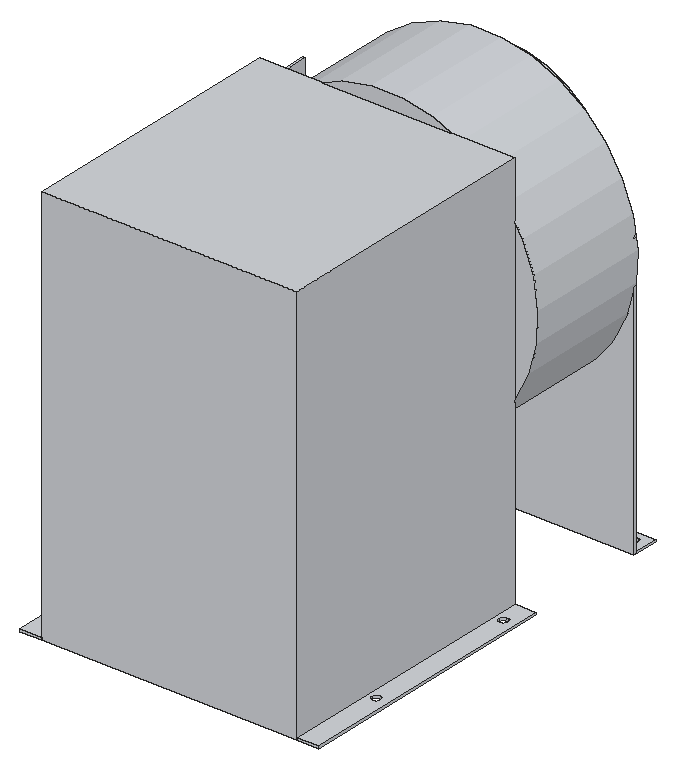
Revit family "CPFB_CW_BHD", category Mechanical Equipment, Revit 2019
Family settings
  Round Connector Dimension = Use Radius
  Part Type = Normal
  Work Plane-Based = No
  Always vertical = Yes
  Cut with Voids When Loaded = No
  Shared = No
  Room Calculation Point = No
Parameters (values of type "100-CPFB_CW_BHD")
  Z = 0' - 4 5/8"
  Y = 0' - 8 5/8"
  X = 1' - 2 1/16"
  W+M = W + M  # 1' - 5 1/8"
  W+1.5+K+L = W + 0' 1 1/2" + K + L  # 2' - 1 3/4"
  W+1.5 = W + 0' 1 1/2"  # 0' - 5 1/2"
  W = 0' - 4"
  V = 0' - 8"
  Unit Weight [instance] = ""
  U-.125 = U - 0' 0 1/8"  # 0' - 1 1/2"
  U = 0' - 1 5/8"
  T = 0' - 0 3/4"
  Sones [instance] = ""
  S/2 = S / 2  # 0' - 0 9/32"
  S = 0' - 0 9/16"
  R = 0' - 0 3/4"
  Q = 0' - 3"
  P-U = P - U  # 2' - 0 9/16"
  P = 2' - 2 3/16"
  N = 0' - 9 3/8"
  Motor RPM [instance] = ""
  Motor Enclosure [instance] = ""
  ModelID [instance] = ""
  M = 1' - 1 1/8"
  LwA [instance] = ""
  L = 0' - 10 1/4"
  K = 0' - 10"
  J = 0' - 10 3/4"
  I = 0' - 7 1/8"
  H = 2' - 1 1/4"
  G-V = G - V  # 0' - 1 3/8"
  G = 0' - 9 3/8"
  Fan RPM [instance] = ""
  F-.125 = F - 0' 0 1/8"  # 1' - 0 5/8"
  F = 1' - 0 3/4"
  E = 1' - 10 1/4"
  D = 1' - 6"
  C/8*7 = C / 8 * 2.5  # 0' - 4 53/128"
  C/8 = C / 6  # 0' - 2.35417"
  C/2 = C / 2  # 0' - 7 1/16"
  C = 1' - 2 1/8"
  Brake Hp [instance] = ""
  B = 0' - 10 15/16"
  Accessories [instance] = ""
  A+.25 = A + 0' 0 1/4"  # 0' - 7 13/16"
  A = 0' - 7 9/16"
  CUT = 0' - 3 1/2"
  1'8" = 1' - 9"  # constant formula
  0 = 0' - 0"  # constant formula
  Voltage [instance] = 0 V
  URL = "www.lorencook.com"
  Type Comments = "Foward Curved Centrifugal Blower Clockwise Bottom Horizontal Arrangement 10"  # constant formula
  Static Pressure [instance] = 0.00 in-wg
  Power [instance] = Voltage * Motor FLA * sqrt(if(Phase = 3, 3, 1))  # 0 VA
  Phase [instance] = 0
  Number of Poles [instance] = 1
  Motor Hp [instance] = "0"
  Motor FLA [instance] = 0 A
  Model = "CPFB_CW_BHD"  # constant formula
  Manufacturer = "Loren Cook Company"
  CFM [instance] = 0 CFM
  1.5 = 0' - 1 1/2"  # constant formula
  ONE EIGTH = 0' - 0 1/8"  # constant formula
  -1.5 = -0' - 1 1/2"  # constant formula
  -.125 = -0' - 0 1/8"  # constant formula
  -(A+.25) = -(A + 0' 0 1/4")  # -0' - 7 13/16"
  (C/2)-1.5 = (C / 2) - 0' 1 1/2"  # 0' - 5 9/16"
  (C/2)-.25 = (C / 2) - 0' 0 1/4"  # 0' - 6 13/16"
Types (9): name | Z | Y | X | W+M | W+1.5+K+L | W+1.5 | W | V | U-.125 | U | T | S/2 | S | R | Q | P-U | P | N | M | L | K | J | I | H | G-V | G | F-.125 | F | E | D | C/8*7 | C/8 | C/2 | C | B | A+.25 | A | CUT | -(A+.25) | (C/2)-1.5 | (C/2)-.25
  (no name) | 0' - 4 5/8" | 0' - 8 5/8" | 1' - 2 1/16" | 1' - 5 1/8" | 2' - 1 3/4" | 0' - 5 1/2" | 0' - 4" | 0' - 8" | 0' - 1 1/2" | 0' - 1 5/8" | 0' - 0 3/4" | 0' - 0 9/32" | 0' - 0 9/16" | 0' - 0 3/4" | 0' - 3" | 2' - 0 9/16" | 2' - 2 3/16" | 0' - 9 3/8" | 1' - 1 1/8" | 0' - 10 1/4" | 0' - 10" | 0' - 10 3/4" | 0' - 7 1/8" | 2' - 1 1/4" | 0' - 1 3/8" | 0' - 9 3/8" | 1' - 0 5/8" | 1' - 0 3/4" | 1' - 10 1/4" | 1' - 6" | 0' - 4 53/128" | 0' - 2.35417" | 0' - 7 1/16" | 1' - 2 1/8" | 0' - 10 15/16" | 0' - 7 13/16" | 0' - 7 9/16" | 0' - 3 1/2" | -0' - 7 13/16" | 0' - 5 9/16" | 0' - 6 13/16"
  150-CPFB_CW_BHD | 0' - 6 9/16" | 0' - 8 5/8" | 1' - 7 5/8" | 1' - 7 1/8" | 2' - 7 5/8" | 0' - 5 1/2" | 0' - 4" | 0' - 8" | 0' - 1 1/2" | 0' - 1 5/8" | 0' - 0 3/4" | 0' - 0 9/32" | 0' - 0 9/16" | 0' - 0 3/4" | 0' - 3" | 2' - 6 3/8" | 2' - 8" | 1' - 1 1/4" | 1' - 3 1/8" | 1' - 2 1/8" | 1' - 0" | 1' - 2 5/8" | 0' - 2 1/2" | 2' - 5 1/16" | 0' - 1 3/8" | 0' - 9 3/8" | 1' - 3 3/16" | 1' - 3 5/16" | 2' - 5 9/16" | 1' - 7 1/16" | 0' - 5 125/128" | 0' - 3 3/16" | 0' - 9 9/16" | 1' - 7 1/8" | 1' - 4 7/16" | 0' - 11 11/16" | 0' - 11 7/16" | 0' - 2" | -0' - 11 11/16" | 0' - 8 1/16" | 0' - 9 5/16"
  180-CPFB_CW_BHD | 0' - 7 3/4" | 0' - 9 5/8" | 1' - 10 7/8" | 1' - 7 1/8" | 2' - 9 15/16" | 0' - 5 1/2" | 0' - 4" | 0' - 9" | 0' - 1 1/2" | 0' - 1 5/8" | 0' - 0 3/4" | 0' - 0 9/32" | 0' - 0 9/16" | 0' - 1" | 0' - 3" | 2' - 11 5/16" | 3' - 0 15/16" | 1' - 3 9/16" | 1' - 3 1/8" | 1' - 4 7/16" | 1' - 0" | 1' - 4 15/16" | 0' - 2 1/2" | 2' - 9 9/16" | 0' - 1 3/8" | 0' - 10 3/8" | 1' - 5 1/2" | 1' - 5 5/8" | 2' - 10 3/4" | 1' - 10 1/16" | 0' - 7 23/256" | 0' - 3 25/32" | 0' - 11 11/32" | 1' - 10 11/16" | 1' - 7 11/16" | 1' - 2" | 1' - 1 3/4" | 0' - 2" | -1' - 2" | 0' - 9 27/32" | 0' - 11 3/32"
  220-CPFB_CW_BHD | 0' - 9 7/16" | 0' - 11 1/8" | 2' - 3 13/16" | 1' - 11 1/8" | 3' - 5 3/8" | 0' - 6 1/2" | 0' - 5" | 0' - 10 1/2" | 0' - 1 1/2" | 0' - 1 5/8" | 0' - 0 3/4" | 0' - 0 9/32" | 0' - 0 9/16" | 0' - 1" | 0' - 4" | 3' - 7 15/16" | 3' - 9 9/16" | 1' - 7" | 1' - 6 1/8" | 1' - 7 7/8" | 1' - 3" | 1' - 8 7/16" | 0' - 2 1/2" | 3' - 5" | 0' - 1 3/8" | 0' - 11 7/8" | 1' - 8 1/2" | 1' - 8 5/8" | 3' - 6" | 2' - 3" | 0' - 8 147/256" | 0' - 4.57292" | 1' - 1 23/32" | 2' - 3 7/16" | 2' - 0 5/8" | 1' - 5 7/16" | 1' - 5 3/16" | 0' - 2" | -1' - 5 7/16" | 1' - 0 7/32" | 1' - 1 15/32"
  250-CPFB_CW_BHD | 0' - 10 1/2" | 1' - 0 3/8" | 2' - 7" | 1' - 11 1/8" | 3' - 7 3/16" | 0' - 6 1/2" | 0' - 5" | 0' - 11 1/2" | 0' - 2" | 0' - 2 1/8" | 0' - 1" | 0' - 0 11/32" | 0' - 0 11/16" | 0' - 1" | 0' - 4" | 3' - 11 11/16" | 4' - 1 13/16" | 1' - 9 1/16" | 1' - 6 1/8" | 1' - 9 11/16" | 1' - 3" | 1' - 11" | 0' - 3" | 3' - 8 5/8" | 0' - 1 7/8" | 1' - 1 3/8" | 1' - 9 5/8" | 1' - 9 3/4" | 3' - 9 1/16" | 2' - 5 5/8" | 0' - 9 51/256" | 0' - 4 29/32" | 1' - 2 23/32" | 2' - 5 7/16" | 2' - 2 13/16" | 1' - 7" | 1' - 6 3/4" | 0' - 2" | -1' - 7" | 1' - 1 7/32" | 1' - 2 15/32"
  270-CPFB_CW_BHD | 0' - 11 7/16" | 1' - 1 3/8" | 2' - 9 3/4" | 2' - 2 1/8" | 4' - 0 1/16" | 0' - 6 1/2" | 0' - 5" | 1' - 0 1/2" | 0' - 2" | 0' - 2 1/8" | 0' - 1" | 0' - 0 11/32" | 0' - 0 11/16" | 0' - 1" | 0' - 4" | 4' - 4 1/2" | 4' - 6 5/8" | 1' - 10 15/16" | 1' - 9 1/8" | 1' - 11 9/16" | 1' - 6" | 2' - 0 7/8" | 0' - 3" | 4' - 0 7/8" | 0' - 1 7/8" | 1' - 2 3/8" | 1' - 11 1/4" | 1' - 11 3/8" | 4' - 1 1/16" | 2' - 8 3/8" | 0' - 9 251/256" | 0' - 5.32292" | 1' - 3 31/32" | 2' - 7 15/16" | 2' - 5 9/16" | 1' - 8 7/8" | 1' - 8 5/8" | 0' - 2 3/4" | -1' - 8 7/8" | 1' - 2 15/32" | 1' - 3 23/32"
  300-CPFB_CW_BHD | 1' - 0 5/8" | 1' - 2 5/16" | 3' - 1" | 2' - 2 3/16" | 4' - 2 1/2" | 0' - 6 1/2" | 0' - 5" | 1' - 1 1/2" | 0' - 2" | 0' - 2 1/8" | 0' - 1" | 0' - 0 11/32" | 0' - 0 11/16" | 0' - 1 3/16" | 0' - 4" | 4' - 10 3/16" | 5' - 0 5/16" | 2' - 1 5/16" | 1' - 9 3/16" | 2' - 2" | 1' - 6" | 2' - 3 3/16" | 0' - 3" | 4' - 5 5/8" | 0' - 1 13/16" | 1' - 3 5/16" | 2' - 1 3/4" | 2' - 1 7/8" | 4' - 6 3/8" | 2' - 11 5/8" | 0' - 10 235/256" | 0' - 5.82292" | 1' - 5 15/32" | 2' - 10 15/16" | 2' - 8 13/16" | 1' - 11 3/16" | 1' - 10 15/16" | 0' - 3" | -1' - 11 3/16" | 1' - 3 31/32" | 1' - 5 7/32"
  120-CPFB_CW_BHD | 0' - 5 7/16" | 0' - 8 5/8" | 1' - 4 5/16" | 1' - 5 1/8" | 2' - 3 3/8" | 0' - 5 1/2" | 0' - 4" | 0' - 8" | 0' - 1 1/2" | 0' - 1 5/8" | 0' - 0 3/4" | 0' - 0 9/32" | 0' - 0 9/16" | 0' - 0 3/4" | 0' - 3" | 2' - 2 5/16" | 2' - 3 15/16" | 0' - 11" | 1' - 1 1/8" | 0' - 11 7/8" | 0' - 10" | 1' - 0 3/8" | 0' - 4 15/16" | 2' - 2 1/4" | 0' - 1 3/8" | 0' - 9 3/8" | 1' - 1 1/4" | 1' - 1 3/8" | 2' - 0 13/16" | 1' - 6" | 0' - 5 5/128" | 0' - 2 11/16" | 0' - 8 1/16" | 1' - 4 1/8" | 1' - 1 1/8" | 0' - 9 7/16" | 0' - 9 3/16" | 0' - 2 1/2" | -0' - 9 7/16" | 0' - 6 9/16" | 0' - 7 13/16"
  100-CPFB_CW_BHD | 0' - 4 5/8" | 0' - 8 5/8" | 1' - 2 1/16" | 1' - 5 1/8" | 2' - 1 3/4" | 0' - 5 1/2" | 0' - 4" | 0' - 8" | 0' - 1 1/2" | 0' - 1 5/8" | 0' - 0 3/4" | 0' - 0 9/32" | 0' - 0 9/16" | 0' - 0 3/4" | 0' - 3" | 2' - 0 9/16" | 2' - 2 3/16" | 0' - 9 3/8" | 1' - 1 1/8" | 0' - 10 1/4" | 0' - 10" | 0' - 10 3/4" | 0' - 7 1/8" | 2' - 1 1/4" | 0' - 1 3/8" | 0' - 9 3/8" | 1' - 0 5/8" | 1' - 0 3/4" | 1' - 10 1/4" | 1' - 6" | 0' - 4 53/128" | 0' - 2.35417" | 0' - 7 1/16" | 1' - 2 1/8" | 0' - 10 15/16" | 0' - 7 13/16" | 0' - 7 9/16" | 0' - 3 1/2" | -0' - 7 13/16" | 0' - 5 9/16" | 0' - 6 13/16"
Reference planes (in)
  plane 1 "Center (Front/Back)": y = 0
  plane 2: z = 0
  plane 3 "Center (Left/Right)": x = 0.40541
Forms (in)
  Extrusion 1, solid
    sketch origin (0, 0, 0) x (1, 0, 0) y (0, 1, 0)
      loop
        line (-7.59459, 0) -> (-7.59459, -17.125) -> (8.40541, -17.125) -> (8.40541, 0) -> (-7.59459, 0)
    from 0 to 25.25 <- "H"
  Extrusion 2, solid
    sketch origin (0, 0, 0) x (1, 0, 0) y (0, 1, 0)
      loop
        line (-7.59459, 0) -> (-8.96959, 0) -> (-8.96959, -17.125) -> (-7.59459, -17.125) -> (-7.59459, 0)
      loop
        line (8.40541, 0) -> (8.40541, -17.125) -> (9.78041, -17.125) -> (9.78041, 0) -> (8.40541, 0)
    from 0 to 0.125 <- "ONE EIGTH"
  Extrusion 3, solid
    sketch origin (0, 0, 0) x (1, 0, 0) y (0, 1, 0)
      loop
        line (-8.96959, 9.375) -> (-8.96959, 7.8125) -> (9.78041, 7.8125) -> (9.78041, 9.375) -> (-8.96959, 9.375)
    from 0 to 0.125 <- "ONE EIGTH"
  Extrusion 4, solid
    sketch origin (9.78041, 7.8125, 0) x (-1, 0, 0) y (0, 0, -1)
      loop
        line (18.75, 0) -> (0, 0) -> (0, -18) -> (18.75, -18) -> (18.75, 0)
    from 0 to 0.125 <- "ONE EIGTH"
  Extrusion 5, void
    sketch origin (9.78041, 7.8125, 0) x (1, 0, 0) y (0, 0, -1)
      loop
        circle (-9.375, -18) r 7.0625
    from -0.125 <- "-.125" to 0 <- "0"
  Extrusion 6, void
    sketch origin (0, 0, 0) x (1, 0, 0) y (0, 1, 0)
      loop
        circle (9.03041, -1.625) r 0.28125
      loop
        circle (9.03041, -11.625) r 0.28125
      loop
        circle (-8.21959, -11.625) r 0.28125
      loop
        circle (-8.21959, -1.625) r 0.28125
    from -12 to 12
  Extrusion 7, void
    sketch origin (0, 0, 0) x (1, 0, 0) y (0, 1, 0)
      loop
        circle (9.03041, 8.625) r 0.28125
      loop
        circle (-8.21959, 8.625) r 0.28125
    from -0.125 <- "-.125" to 0.125 <- "ONE EIGTH"
  Extrusion 8, solid
    sketch origin (9.78041, 7.6875, 0) x (-1, 0, 0) y (0, 0, -1)
      loop
        circle (9.375, -18) r 7.0625
      loop
        circle (9.375, -18) r 6.8125
    from 0 to -1.5 <- "-1.5"
  Extrusion 9, solid
    sketch origin (0, 0, 0) x (1, 0, 0) y (0, 0, 1)
      loop
        line (-9.05278, 18.0625) -> (-12.34459, 18.0625) -> (-12.34459, 7.125) -> (0.37416, 7.125)
        arc (0.37416, 7.125) -> (7.59386, 22.87885) -> (-9.05278, 18.0625) r 9.53125
    from 0 to -7.8125 <- "-(A+.25)"
  Extrusion 10, solid
    sketch origin (-12.34459, 0, 18.0625) x (0, 0, -1) y (0, -1, 0)
      loop
        line (-1.5, -9.3125) -> (12.5625, -9.3125) -> (12.5625, 1.4375) -> (-1.5, 1.4375) -> (-1.5, -9.3125)
    from 0 to -0.125 <- "-.125"
  Extrusion 11, void
    sketch origin (9.78041, 7.6875, 0) x (1, 0, 0) y (0, 0, -1)
      loop
        line (-25.625, -18.0625) -> (-25.625, -39.0625) -> (-18.625, -39.0625) -> (-18.625, -18.0625) -> (-22, -18.0625) -> (-22, -19.5625) -> (-22.125, -19.5625) -> (-22.125, -18.0625) -> (-25.625, -18.0625)
    from 0.25 to -7.8125 <- "-(A+.25)"
  Revolve 12, void
    sketch origin (0.40541, 0, 0) x (0, 1, 0) y (0, 0, 1)
      loop
        line (7.8125, 18) -> (7.8125, 23.5625) -> (5.45833, 22.41406) -> (5.45833, 18) -> (7.8125, 18)
      axis (7.8125, 18) -> (5.45833, 18)
    angle from 0 to 360
Cuts and joins
  Extrusion 5, Extrusion 7, Revolve 12 cuts Extrusion 4
  Extrusion 6 cuts Extrusion 1
  Extrusion 6 cuts Extrusion 2
  Extrusion 7 cuts Extrusion 3
  Extrusion 11, Revolve 12 cuts Extrusion 9
  Extrusion 11 cuts Extrusion 10
  Revolve 12 cuts Extrusion 8
Dimensions and locks (in)
  "0": Extrusion 1 sketch curve to plane 1 "Center (Front/Back)"
  "W+M": plane 1 "Center (Front/Back)" to Extrusion 1 sketch curve
  "V": plane 3 "Center (Left/Right)" to Extrusion 1 sketch curve
  "V": Extrusion 1 sketch curve to plane 3 "Center (Left/Right)"
  "0": Extrusion 2 sketch curve to plane 1 "Center (Front/Back)"  (x2)
  "0": Extrusion 1 to Extrusion 2 sketch curve  (x2)
  "0": Extrusion 2 sketch curve to Extrusion 1  (x2)
  "G-V": Extrusion 2 sketch curve to Extrusion 2 sketch curve  (x2)
  "N": plane 1 "Center (Front/Back)" to Extrusion 3 sketch curve
  "A+.25": Extrusion 3 sketch curve to plane 1 "Center (Front/Back)"
  "0": Extrusion 2 to Extrusion 3 sketch curve  (x2)
  "0": Extrusion 1 to Extrusion 4 sketch curve
  "D": Extrusion 4 sketch curve to Extrusion 4 sketch curve
  "0": Extrusion 4 sketch curve to Extrusion 2  (x2)
  "D": Extrusion 1 to Extrusion 5 sketch curve
  "V": Extrusion 1 to Extrusion 5 sketch curve
  "Y": plane 3 "Center (Left/Right)" to Extrusion 6 sketch curve  (x2)
  "Y": Extrusion 6 sketch curve to plane 3 "Center (Left/Right)"  (x2)
  "W+1.5": Extrusion 1 to Extrusion 6 sketch curve  (x2)
  "K": Extrusion 6 sketch curve to Extrusion 6 sketch curve  (x2)
  "W+1.5+K+L": cut or joined group of Extrusion 1, Extrusion 6 to Extrusion 7 sketch curve  (x2)
  "V": cut or joined group of Extrusion 1, Extrusion 6 to Extrusion 8 sketch curve  (x2)
  "D": Extrusion 8 sketch curve to cut or joined group of Extrusion 1, Extrusion 6  (x2)
  "T": Extrusion 7 sketch curve to cut or joined group of Extrusion 3, Extrusion 7
  "T": cut or joined group of Extrusion 3, Extrusion 7 to Extrusion 7 sketch curve
  "E": Extrusion 9 sketch curve to Extrusion 9 sketch curve
  "P": Extrusion 9 sketch curve to level
  "B": Extrusion 9 sketch curve to Extrusion 9 sketch curve
  "I": Extrusion 9 sketch curve to level
  "F": plane 3 "Center (Left/Right)" to Extrusion 9 sketch curve
  "J": Extrusion 10 sketch curve to Extrusion 10 sketch curve
  "X": Extrusion 10 sketch curve to Extrusion 10 sketch curve
  "U-.125": Extrusion 10 sketch curve to Extrusion 9
  "U": Extrusion 9 to Extrusion 10 sketch curve
  "1'8"": Extrusion 11 sketch curve to Extrusion 11 sketch curve
  "CUT": Extrusion 10 to Extrusion 11 sketch curve
  "CUT": Extrusion 11 sketch curve to Extrusion 10
  "0": Extrusion 11 sketch curve to Extrusion 10  (x2)
  "0": Extrusion 10 to Extrusion 11 sketch curve
  "0": Extrusion 9 to Extrusion 11 sketch curve  (x2)
  "D": Revolve 12 sketch curve to level  (x2)
  "C/8*7": Revolve 12 sketch curve to Revolve 12 sketch curve
  "(C/2)-1.5": Revolve 12 sketch curve to Revolve 12 sketch curve
  "C/8": Revolve 12 sketch curve to Revolve 12 sketch curve
  "0": Revolve 12 sketch curve to cut or joined group of Extrusion 9, Extrusion 11, Revolve 12
  "C/2": radius of Extrusion 5 sketch curve
  "S/2": radius of Extrusion 6 sketch curve  (x4)
  "S/2": radius of Extrusion 7 sketch curve  (x2)
  "C/2": radius of Extrusion 8 sketch curve
  "(C/2)-.25": radius of Extrusion 8 sketch curve
Automatic sketch dimensions
  Revolve 12 sketch curve to Revolve 12 sketch curve = 0' - 0"
  Revolve 12 sketch curve to Revolve 12 sketch curve = 0' - 6"
Connectors (in)
  electrical at (8.40541, -8.5625, 12.625)
    settings: on cut or joined group of Extrusion 1, Extrusion 6, index 1, voltage 0 V, apparent load 0 VA, apparent load phase1 0 VA, apparent load phase2 0 VA, apparent load phase3 0 VA, power factor 1, load classification "Other", number of poles 1, system type 30, power factor state 1, is connector primary yes, connector utility no, sub classification motor no, connector description ""
  hvac at (-12.34459, 3.90625, 12.59375), driven by "A", driven by "B"
    settings: on cut or joined group of Extrusion 9, Extrusion 11, Revolve 12, index 2, duct flow 0 CFM, flow factor 0, pres drop 0.00 in-wg, loss coef 0, conn angle 0.00°, conn width 7 9/16", conn height 10 15/16", conn diameter 24", duct sys type 29, conn prof type 1, flow config 0, flow direction 2, loss method 0, conn ref index -1, conn util no, is conn primary yes, conn desc ""
  hvac at (0.40541, 9.1875, 18), driven by "C/2"
    settings: on cut or joined group of Extrusion 8, Revolve 12, index 3, duct flow 0 CFM, flow factor 0, pres drop 0.00 in-wg, loss coef 0, conn angle 0.00°, conn width 12", conn height 12", conn diameter 14 1/8", duct sys type 29, conn prof type 0, flow config 0, flow direction 1, loss method 0, conn ref index -1, conn util no, is conn primary no, conn desc ""
